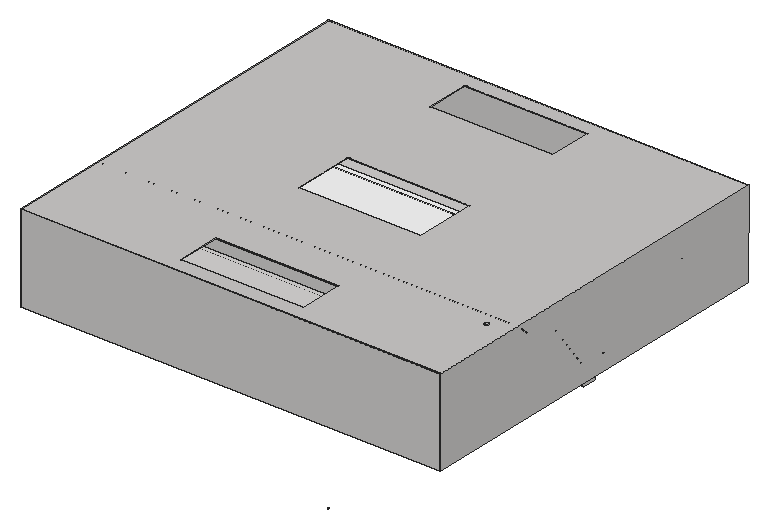
Revit family "QF_ELECTROLUXPROFESSIONAL_641267_STCF2224", category Attrezzature speciali, Revit 2021
Family settings
  Quota connettore circolare = Usa diametro
  Tipo di parte = Normale
  Basato su piano di lavoro = No
  Sempre verticale = Sì
  Taglio con vuoti quando caricato = No
  Condiviso = No
  Punto di calcolo locali = No
Parameters (values of type "Standard")
  Weight = 198.00 kg
  Watts = 320 W
  Volts = 220 V
  URL Manufacturer = "https://www.electroluxprofessional.com/"
  URL = "https://www.electroluxprofessional.com/"
  Steam Supply Size = 0 mm
  Steam Supply Minimum Pressure = 0.0 Pa
  Steam Supply Maximum Pressure = 0.0 Pa
  Steam Consumption per Hour = 0
  Refrigeration Suction Line Size = 0 mm
  Refrigeration Liquid Line Size = 0 mm
  Refrigerant Compressor Remote = yes
  Prospetto di default = 0 mm
  Produttore = "Electrolux Professional"
  Phase = 1
  Modello = "STCF2224"
  Length Actual = 2400 mm  # constant formula
  Item Number = "641267"
  Hot Water Size = 0 mm
  Height Actual = 500 mm  # constant formula
  HP = "0.4 HP"
  Gas Size = 0 mm
  Gas KW = 0
  Gas Input Pressure = 0 W
  Direct Waste Size = 0 mm
  Descrizione = "304 S/S ISLAND HOOD+FILT.+LAMP 2400X2200"
  Depth Actual = 2200 mm  # constant formula
  Cycle = 50 Hz
  Condensate Return Size = 0 mm
  Compressed Air Volume = 0.0 L/s
  Compressed Air Size = 0 mm
  Compressed Air Pressure = 0.0 Pa
  Cold Water Size = 0 mm
  Accessory = yes
Reference planes
  plane 1: z = 0
  plane 2 "Center (Left/Right)": x = 150
  plane 3 "LEFT": x = -1050
  plane 4 "RIGHT": x = 1350
  plane 5 "BACK": y = 550
  plane 6 "TOP": z = 2500
  plane 7 "Base": z = 2000
  plane 8: z = 1955
  plane 9: x = -1047
  plane 10 "DrainX": x = 1230
  plane 11 "AOLeft2": x = 500
  plane 12: x = 1347
  plane 13: x = -850
  plane 14: x = 1150
  plane 15 "Center (Front/Back)": y = -550
  plane 16 "Front": y = -1650
  plane 17 "AOLeft1": x = -200
  plane 18 "EI_y": y = -1170
  plane 19 "EIx": x = 1230
  plane 20: y = 464
  plane 21: y = 214
  plane 22: y = -1564
  plane 23: y = -1314
  plane 24: y = -375
  plane 25: y = -725
Forms (mm)
  Extrusion 1, solid, material "QF_Finishes_Stainless Steel"
    sketch origin (-1050, 0, 360) x (0, 1, 0) y (0, 0, 1)
      loop
        line (550, 1640) -> (550, 2140) -> (-1650, 2140) -> (-1650, 1640) -> (550, 1640)
    from 0 to 3
  Extrusion 2, solid, material "QF_Finishes_Stainless Steel"
    sketch origin (1350, 0, 360) x (0, 1, 0) y (0, 0, 1)
      loop
        line (550, 1640) -> (550, 2140) -> (-1650, 2140) -> (-1650, 1640) -> (550, 1640)
    from 0 to -3
  Extrusion 3, solid, material "QF_Finishes_Stainless Steel"
    sketch origin (150, 0, 360) x (0, 1, 0) y (0, 0, 1)
      loop
        line (-1650, 2140) -> (-1650, 1640) -> (-1640, 1640) -> (-1640, 1640.8) -> (-1649.2, 1640.8) -> (-1649.2, 2139.19) -> (549.2, 2139.19) -> (549.2, 1640.8) -> (540, 1640.8) -> (540, 1640) -> (550, 1640) -> (550, 2140) -> (-1650, 2140)
    from -1200 to 1200
  Extrusion 4, solid, material "QF_Finishes_Stainless Steel"
    sketch origin (0, -840, 2000) x (0, 1, 0) y (-1, 0, 0)
      loop
        circle (290, -1230) r 4.763
    from -30 to 0
  Extrusion 5, void
    sketch origin (0, 0, 2500) x (0, 1, 0) y (-1, 0, 0)
      loop
        line (-1564, -500) -> (-1314, -500) -> (-1314, 200) -> (-1564, 200) -> (-1564, -500)
    from 0 to -10
  Extrusion 6, solid, material "QF_Finishes_Stainless Steel"
    sketch origin (0, 0, 0) x (1, 0, 0) y (0, 1, 0)
      loop
        line (-1050, 550) -> (-1050, 549) -> (-1049, 549) -> (-1049, 550) -> (-1050, 550)
    from 0 to 1
  Sweep 7, solid, material "QF_Finishes_Stainless Steel"
    path origin (0, 0, 0) x (1, 0, 0) y (0, 1, 0)
      loop
        line (1350, 550) -> (-1050, 550) -> (-1050, -1650) -> (1350, -1650) -> (1350, 550)
    profile origin (1350, -550, 0) x (1, 0, 0) y (0, 0, 1)
      loop
        line (-3, 2000) -> (-3, 2000.8) -> (-19, 2000.8) -> (-19, 2010) -> (-20, 2010) -> (-20, 2000) -> (-3, 2000)
  Extrusion 8, solid, material "QF_Finishes_Stainless Steel"
    sketch origin (150, -636.588, -19.176) x (0, 0.995194, 0.097925) y (0, -0.097925, 0.995194)
      loop
        line (214.66, 2095.469) -> (240.643, 2110.471) -> (61.744, 2411.771) -> (35.948, 2396.455) -> (214.66, 2095.469)
    from -1197 to -1000
  Extrusion 9, solid, material "QF_Finishes_Stainless Steel"
    sketch origin (1230, -840, 0) x (0, 1, 0) y (0, 0, 1)
      loop
        line (339, 2000) -> (241, 2000) -> (241, 1989) -> (248.5, 1989) -> (248.5, 1965)
        arc (248.5, 1965) -> (251.429, 1957.929) -> (258.5, 1955) r 10
        line (258.5, 1955) -> (321.5, 1955)
        arc (321.5, 1955) -> (328.571, 1957.929) -> (331.5, 1965) r 10
        line (331.5, 1965) -> (331.5, 1989) -> (339, 1989) -> (339, 2000)
    from 90 to -90
  Extrusion 10, solid, material "QF_Finishes_Stainless Steel"
    sketch origin (150, -636.588, -19.176) x (0, 0.995194, 0.097925) y (0, -0.097925, 0.995194)
      loop
        line (214.66, 2095.469) -> (240.643, 2110.471) -> (61.744, 2411.771) -> (35.948, 2396.455) -> (214.66, 2095.469)
    from 1000 to 1197
  Extrusion 11, solid, material "QF_Finished_Chrome"
    sketch origin (150, -636.588, -19.176) x (0, 0.995194, 0.097925) y (0, -0.097925, 0.995194)
      loop
        line (214.66, 2095.469) -> (240.643, 2110.471) -> (61.744, 2411.771) -> (35.948, 2396.455) -> (214.66, 2095.469)
    from -1000 to 1000
  Extrusion 12, void
    sketch origin (0, 1180, 2500) x (0, 1, 0) y (-1, 0, 0)
      loop
        line (-1555, -500) -> (-1555, 200) -> (-1905, 200) -> (-1905, -500) -> (-1555, -500)
    from 0 to -10
  Extrusion 13, solid, material "QF_Finishes_Stainless Steel"
    sketch origin (0, 0, 2500) x (0, 1, 0) y (-1, 0, 0)
      loop
        circle (-1170, -1230) r 10
    from 0 to 1.6
  Extrusion 14, solid, material "QF_LAMPS"
    sketch origin (150, -267.149, 218.369) x (0, 0.987229, -0.159309) y (0, 0.159309, 0.987229)
      loop
        line (-1250.105, 1928.62) -> (-1096.231, 2053.226) -> (-1104.529, 2063.269) -> (-1258.575, 1938.524) -> (-1250.105, 1928.62)
    from 1197 to -1197
  Extrusion 15, solid, material "QF_Finishes_Stainless Steel"
    sketch origin (150, 0, 360) x (0, 1, 0) y (0, 0, 1)
      loop
        line (-1650, 2139.19) -> (-1650, 1640) -> (-1586.602, 1640) -> (-1499.146, 1690.493) -> (-1510.058, 1709.394) -> (-1566.564, 1676.77) -> (-1614.704, 1680.982) -> (-1649.2, 1730.248) -> (-1649.2, 2139.19) -> (-1650, 2139.19)
      loop
        line (-1194.054, 1961.505) -> (-1200.838, 1972.631) -> (-1186.477, 1980.7) -> (-1186.477, 2127.391) -> (-1085.664, 2127.391) -> (-1029.871, 2072.95) -> (-1022.281, 2060.013) -> (-919.435, 2120.351) -> (-919.902, 2121.003) -> (-1021.996, 2061.107) -> (-1029.236, 2073.448) -> (-1085.338, 2128.191) -> (-1187.277, 2128.191) -> (-1187.277, 1982.446) -> (-1586.208, 1744.533) -> (-1576.362, 1728.386) -> (-1194.054, 1961.505)
    from -1197 to 1197
  Extrusion 16, void
    sketch origin (0, 814, 2500) x (0, 1, 0) y (-1, 0, 0)
      loop
        line (-600, -500) -> (-350, -500) -> (-350, 200) -> (-600, 200) -> (-600, -500)
    from 0 to -10
  Extrusion 17, solid, material "QF_Finishes_Stainless Steel"
    sketch origin (150, 0, 0) x (0, 1, 0) y (0, 0, 1)
      loop
        line (-628.158, 2087.242) -> (-603.769, 2104.716) -> (-811.314, 2387.05) -> (-835.486, 2369.281) -> (-628.158, 2087.242)
    from -1197 to -1000
  Extrusion 18, solid, material "QF_Finished_Chrome"
    sketch origin (150, 0, 0) x (0, 1, 0) y (0, 0, 1)
      loop
        line (-628.158, 2087.242) -> (-603.769, 2104.716) -> (-811.314, 2387.05) -> (-835.486, 2369.281) -> (-628.158, 2087.242)
    from -1000 to 1000
  Extrusion 19, solid, material "QF_Finishes_Stainless Steel"
    sketch origin (150, -870.88, 319.508) x (0, 0.995194, 0.097925) y (0, -0.097925, 0.995194)
      loop
        line (426.151, 1646.675) -> (483.9, 1640.993) -> (483.982, 1641.83) -> (426.613, 1647.475) -> (371.906, 1742.23) -> (414.858, 1734.657) -> (442.266, 1750.481) -> (442.266, 1765.943) -> (441.466, 1765.943) -> (441.466, 1750.943) -> (414.709, 1735.495) -> (321.153, 1751.991) -> (320.875, 1750.416) -> (371.4, 1741.507) -> (426.151, 1646.675)
      loop
        line (162.878, 2155.907) -> (242.893, 2017.316) -> (245.133, 2018.715) -> (240.13, 2027.381) -> (238.569, 2026.405) -> (163.571, 2156.307) -> (162.878, 2155.907)
    from -1197 to 1197
  Extrusion 20, solid, material "QF_Finishes_Stainless Steel"
    sketch origin (150, -463.412, -19.176) x (0, -0.995194, 0.097925) y (0, -0.097925, -0.995194)
      loop
        line (214.66, -2095.469) -> (35.948, -2396.455) -> (61.744, -2411.771) -> (240.643, -2110.471) -> (214.66, -2095.469)
    from 1000 to 1197
  Extrusion 21, solid, material "QF_Finishes_Stainless Steel"
    sketch origin (150, 0, 0) x (0, 1, 0) y (0, 0, 1)
      loop
        line (-471.842, 2087.242) -> (-264.514, 2369.281) -> (-288.686, 2387.05) -> (-496.231, 2104.716) -> (-471.842, 2087.242)
    from -1197 to -1000
  Extrusion 22, solid, material "QF_Finished_Chrome"
    sketch origin (150, 0, 0) x (0, 1, 0) y (0, 0, 1)
      loop
        line (-471.842, 2087.242) -> (-264.514, 2369.281) -> (-288.686, 2387.05) -> (-496.231, 2104.716) -> (-471.842, 2087.242)
    from -1000 to 1000
  Extrusion 23, solid, material "QF_Finishes_Stainless Steel"
    sketch origin (150, -229.12, 319.508) x (0, -0.995194, 0.097925) y (0, -0.097925, -0.995194)
      loop
        line (426.151, -1646.675) -> (371.4, -1741.507) -> (320.875, -1750.416) -> (321.153, -1751.991) -> (414.709, -1735.495) -> (441.466, -1750.943) -> (441.466, -1765.943) -> (442.266, -1765.943) -> (442.266, -1750.481) -> (414.858, -1734.657) -> (371.906, -1742.23) -> (426.613, -1647.475) -> (483.982, -1641.83) -> (483.9, -1640.993) -> (426.151, -1646.675)
      loop
        line (162.878, -2155.907) -> (163.571, -2156.307) -> (238.569, -2026.405) -> (240.13, -2027.381) -> (245.133, -2018.715) -> (242.893, -2017.316) -> (162.878, -2155.907)
    from -1197 to 1197
  Extrusion 24, solid, material "QF_LAMPS"
    sketch origin (150, -832.851, 218.369) x (0, -0.987229, -0.159309) y (0, 0.159309, -0.987229)
      loop
        line (-1250.105, -1928.62) -> (-1258.575, -1938.524) -> (-1104.529, -2063.269) -> (-1096.231, -2053.226) -> (-1250.105, -1928.62)
    from 1197 to -1197
  Extrusion 25, solid, material "QF_Finishes_Stainless Steel"
    sketch origin (150, -1100, 360) x (0, -1, 0) y (0, 0, -1)
      loop
        line (-1650, -2139.19) -> (-1649.2, -2139.19) -> (-1649.2, -1730.248) -> (-1614.704, -1680.982) -> (-1566.564, -1676.77) -> (-1510.058, -1709.394) -> (-1499.146, -1690.493) -> (-1586.602, -1640) -> (-1650, -1640) -> (-1650, -2139.19)
      loop
        line (-1194.054, -1961.505) -> (-1576.362, -1728.386) -> (-1586.208, -1744.533) -> (-1187.277, -1982.446) -> (-1187.277, -2128.191) -> (-1085.338, -2128.191) -> (-1029.236, -2073.448) -> (-1021.996, -2061.107) -> (-919.902, -2121.003) -> (-919.435, -2120.351) -> (-1022.281, -2060.013) -> (-1029.871, -2072.95) -> (-1085.664, -2127.391) -> (-1186.477, -2127.391) -> (-1186.477, -1980.7) -> (-1200.838, -1972.631) -> (-1194.054, -1961.505)
    from -1197 to 1197
Cuts and joins
  Extrusion 5, Extrusion 12, Extrusion 16 cuts Extrusion 3
  joined: Extrusion 2, Extrusion 3, Sweep 7
Lines and regions (mm)
  symbolic lines, style "SpecialityEquipment", detail levels coarse
    curve 1: line (1350, 550, 2500) -> (-1050, 550, 2500)
    curve 2: line (-1050, 550, 2500) -> (-1050, -1650, 2500)
    curve 3: line (1350, -1650, 2500) -> (1350, 550, 2500)
    curve 4: line (-1050, 550, 0) -> (1350, -1650, 0)
    curve 5: line (1350, 550, 0) -> (-1050, -1650, 0)
    curve 6: line (-1050, -1650, 0) -> (1350, -1650, 0)
  symbolic lines, detail levels coarse
    curve 7: line (-200, 464, 2500) -> (500, 464, 2500)
    curve 8: line (-200, 214, 2500) -> (-200, 464, 2500)
    curve 9: line (500, 214, 2500) -> (-200, 214, 2500)
    curve 10: line (500, 464, 2500) -> (500, 214, 2500)
    curve 11: line (-200, -375, 2500) -> (500, -375, 2500)
    curve 12: line (-200, -725, 2500) -> (-200, -375, 2500)
    curve 13: line (500, -725, 2500) -> (-200, -725, 2500)
    curve 14: line (500, -375, 2500) -> (500, -725, 2500)
    curve 15: line (-200, -1314, 2500) -> (500, -1314, 2500)
    curve 16: line (-200, -1564, 2500) -> (-200, -1314, 2500)
    curve 17: line (500, -1564, 2500) -> (-200, -1564, 2500)
    curve 18: line (500, -1314, 2500) -> (500, -1564, 2500)
Dimensions and locks
  plane 3 "LEFT" to plane 4 "RIGHT" = 2400 mm
  equal spacing: plane 3 "LEFT", plane 2 "Center (Left/Right)", plane 4 "RIGHT"
  plane 7 "Base" to plane 8 = 45 mm
  plane 3 "LEFT" to plane 9 = 3 mm
  plane 10 "DrainX" to plane 4 "RIGHT" = 120 mm
  plane 12 to plane 4 "RIGHT" = 3 mm
  plane 3 "LEFT" to plane 13 = 200 mm
  plane 14 to plane 4 "RIGHT" = 200 mm
  locked: plane 7 "Base" to level at 2000
  locked: plane 6 "TOP" to plane 7 "Base" at 500
  locked: plane 17 "AOLeft1" to plane 11 "AOLeft2" at 700
  locked: plane 18 "EI_y" to plane 16 "Front" at 480
  locked: plane 19 "EIx" to plane 4 "RIGHT" at 120
  locked: plane 5 "BACK" to plane 20 at 86
  plane 20 to plane 21 = 250 mm
  locked: plane 22 to plane 16 "Front" at 86
  locked: plane 22 to plane 23 at 250
  plane 24 to plane 15 "Center (Front/Back)" = 175 mm
  plane 15 "Center (Front/Back)" to plane 25 = 175 mm
  plane 24 to plane 25 = 350 mm
  locked: plane 5 "BACK" to plane 16 "Front" at 2200
  plane 5 "BACK" to plane 15 "Center (Front/Back)" to plane 16 "Front" = 1100 mm, 1100 mm
  plane 5 "BACK" to plane 16 "Front" = 2200 mm
  equal spacing: plane 17 "AOLeft1", plane 2 "Center (Left/Right)", plane 11 "AOLeft2"
  aligned and locked: level to plane 1
  aligned and locked: plane 4 "RIGHT" to Extrusion 3
  aligned and locked: Extrusion 3 to plane 3 "LEFT"
  aligned and locked: Extrusion 2 to plane 12
  aligned and locked: Extrusion 8 to plane 9
  aligned and locked: plane 17 "AOLeft1" to Extrusion 5
  aligned and locked: Extrusion 5 to plane 11 "AOLeft2"
  aligned and locked: plane 13 to Extrusion 8
  aligned and locked: plane 14 to Extrusion 10
  aligned and locked: plane 12 to Extrusion 10
  aligned and locked: Extrusion 11 to plane 13
  aligned and locked: Extrusion 11 to plane 14
  aligned and locked: Extrusion 12 to plane 17 "AOLeft1"
  aligned and locked: Extrusion 12 to plane 11 "AOLeft2"
  aligned and locked: plane 22 to Extrusion 5
  aligned and locked: Extrusion 5 to plane 23
  aligned and locked: Extrusion 16 to plane 17 "AOLeft1"
  aligned and locked: Extrusion 16 to plane 11 "AOLeft2"
  aligned and locked: plane 24 to Extrusion 12
  aligned and locked: Extrusion 12 to plane 25
  aligned and locked: plane 20 to Extrusion 16
  aligned and locked: Extrusion 16 to plane 21
  aligned and locked: Extrusion 15 to plane 9
  aligned and locked: Extrusion 14 to plane 9
  aligned and locked: Extrusion 14 to plane 12
  aligned and locked: Extrusion 15 to plane 12
  aligned and locked: Extrusion 25 to plane 9
  aligned and locked: Extrusion 24 to plane 9
  aligned and locked: Extrusion 23 to plane 9
  aligned and locked: plane 9 to Extrusion 17
  aligned and locked: Extrusion 19 to plane 9
  aligned and locked: plane 13 to Extrusion 17
  aligned and locked: Extrusion 22 to plane 13
  aligned and locked: plane 12 to Extrusion 19
  aligned and locked: plane 12 to Extrusion 23
  aligned and locked: plane 12 to Extrusion 25
  aligned and locked: Extrusion 20 to plane 12
  aligned and locked: plane 12 to Extrusion 24
  aligned and locked: Extrusion 18 to plane 13
  aligned and locked: Extrusion 18 to plane 14
  aligned and locked: plane 14 to Extrusion 20
  aligned and locked: Extrusion 22 to plane 14
  aligned and locked: plane 13 to Extrusion 21
  aligned and locked: Extrusion 21 to plane 9
Automatic sketch dimensions
  curve 6 to plane 3 "LEFT" = 0 mm
  curve 4 to plane 3 "LEFT" = 0 mm
  curve 5 to plane 4 "RIGHT" = 0 mm
  curve 6 to plane 4 "RIGHT" = 0 mm
  curve 4 to plane 16 "Front" = 0 mm
  curve 5 to plane 5 "BACK" = 0 mm
  curve 4 to plane 5 "BACK" = 0 mm
  Extrusion 1 sketch curve to plane 7 "Base" = 0 mm
  Extrusion 1 sketch curve to plane 16 "Front" = 0 mm
  Extrusion 1 sketch curve to plane 5 "BACK" = 0 mm
  Extrusion 1 sketch curve to plane 6 "TOP" = 0 mm
  Extrusion 2 sketch curve to plane 7 "Base" = 0 mm
  Extrusion 2 sketch curve to plane 16 "Front" = 0 mm
  Extrusion 2 sketch curve to plane 5 "BACK" = 0 mm
  Extrusion 2 sketch curve to plane 6 "TOP" = 0 mm
  Extrusion 3 sketch curve to plane 6 "TOP" = 0 mm
  Extrusion 3 sketch curve to plane 16 "Front" = 0 mm
  Extrusion 3 sketch curve to plane 7 "Base" = 0 mm  (x2)
  Extrusion 3 sketch curve to plane 5 "BACK" = 0 mm
  plane 16 "Front" to Extrusion 3 sketch curve = 0.8 mm
  Extrusion 3 sketch curve to Extrusion 3 sketch curve = 9.2 mm
  plane 7 "Base" to Extrusion 3 sketch curve = 0.8 mm  (x2)
  Extrusion 3 sketch curve to plane 5 "BACK" = 10 mm
  Extrusion 3 sketch curve to plane 5 "BACK" = 0.8 mm
  Extrusion 3 sketch curve to plane 6 "TOP" = 0.81 mm
  Extrusion 4 sketch curve to plane 10 "DrainX" = 0 mm
  Extrusion 4 sketch curve to plane 15 "Center (Front/Back)" = 0 mm
  Extrusion 5 sketch curve to plane 17 "AOLeft1" = 0 mm
  plane 22 to Extrusion 5 sketch curve = 0 mm
  Extrusion 5 sketch curve to plane 11 "AOLeft2" = 0 mm
  plane 23 to Extrusion 5 sketch curve = 0 mm
  Extrusion 6 sketch curve to plane 3 "LEFT" = 0 mm
  Extrusion 6 sketch curve to plane 5 "BACK" = 0 mm
  plane 3 "LEFT" to Extrusion 6 sketch curve = 1 mm
  Extrusion 6 sketch curve to Extrusion 6 sketch curve = 1 mm
  Sweep 7 sketch curve to plane 3 "LEFT" = 0 mm
  Sweep 7 sketch curve to plane 4 "RIGHT" = 0 mm
  Sweep 7 sketch curve to plane 16 "Front" = 0 mm
  Sweep 7 sketch curve to plane 5 "BACK" = 0 mm
  profile plane to Sweep 7 sketch curve = 20 mm
  Sweep 7 sketch curve to Sweep 7 sketch curve = 1 mm
  profile plane to Sweep 7 sketch curve = 3 mm
  level to Sweep 7 sketch curve = 2000 mm
  Sweep 7 sketch curve to Sweep 7 sketch curve = 0.8 mm
  Sweep 7 sketch curve to Sweep 7 sketch curve = 9.2 mm
  Extrusion 8 sketch curve to plane 25 = 110.486 mm
  Extrusion 8 sketch curve to plane 6 "TOP" = 130.719 mm
  Extrusion 8 sketch curve to Extrusion 8 sketch curve = 25.795 mm
  Extrusion 8 sketch curve to Extrusion 8 sketch curve = 178.712 mm
  Extrusion 8 sketch curve to Extrusion 8 sketch curve = 25.983 mm
  Extrusion 8 sketch curve to Extrusion 8 sketch curve = 285.985 mm
  Extrusion 8 sketch curve to Extrusion 8 sketch curve = 15.001 mm
  Extrusion 8 sketch curve to Extrusion 8 sketch curve = 15.316 mm
  Extrusion 9 sketch curve to plane 8 = 0 mm
  Extrusion 9 sketch curve to plane 7 "Base" = 11 mm  (x2)
  Extrusion 9 sketch curve to plane 15 "Center (Front/Back)" = 49 mm
  Extrusion 9 sketch curve to Extrusion 9 sketch curve = 7.5 mm  (x2)
  plane 8 to Extrusion 9 sketch curve = 10 mm
  plane 15 "Center (Front/Back)" to Extrusion 9 sketch curve = 31.5 mm
  Extrusion 9 sketch curve to Extrusion 9 sketch curve = 10 mm
  plane 7 "Base" to Extrusion 9 sketch curve = 0 mm
  Extrusion 10 sketch curve to plane 25 = 110.486 mm
  Extrusion 10 sketch curve to plane 6 "TOP" = 130.719 mm
  Extrusion 10 sketch curve to Extrusion 10 sketch curve = 25.795 mm
  Extrusion 10 sketch curve to Extrusion 10 sketch curve = 178.712 mm
  Extrusion 10 sketch curve to Extrusion 10 sketch curve = 25.983 mm
  Extrusion 10 sketch curve to Extrusion 10 sketch curve = 285.985 mm
  Extrusion 10 sketch curve to Extrusion 10 sketch curve = 15.001 mm
  Extrusion 10 sketch curve to Extrusion 10 sketch curve = 15.316 mm
  Extrusion 11 sketch curve to plane 25 = 110.486 mm
  Extrusion 11 sketch curve to plane 6 "TOP" = 130.719 mm
  Extrusion 11 sketch curve to Extrusion 11 sketch curve = 25.795 mm
  Extrusion 11 sketch curve to Extrusion 11 sketch curve = 178.712 mm
  Extrusion 11 sketch curve to Extrusion 11 sketch curve = 25.983 mm
  Extrusion 11 sketch curve to Extrusion 11 sketch curve = 285.985 mm
  Extrusion 11 sketch curve to Extrusion 11 sketch curve = 15.001 mm
  Extrusion 11 sketch curve to Extrusion 11 sketch curve = 15.316 mm
  Extrusion 12 sketch curve to plane 11 "AOLeft2" = 0 mm
  Extrusion 12 sketch curve to plane 25 = 0 mm
  Extrusion 12 sketch curve to plane 24 = 0 mm
  Extrusion 12 sketch curve to plane 17 "AOLeft1" = 0 mm
  Extrusion 13 sketch curve to plane 18 "EI_y" = 0 mm
  Extrusion 13 sketch curve to plane 19 "EIx" = 0 mm
  Extrusion 14 sketch curve to plane 18 "EI_y" = 30.826 mm
  Extrusion 14 sketch curve to plane 6 "TOP" = 167.362 mm
  Extrusion 14 sketch curve to Extrusion 14 sketch curve = 8.47 mm
  Extrusion 14 sketch curve to Extrusion 14 sketch curve = 154.047 mm
  Extrusion 14 sketch curve to Extrusion 14 sketch curve = 8.298 mm
  Extrusion 14 sketch curve to Extrusion 14 sketch curve = 9.904 mm
  Extrusion 14 sketch curve to Extrusion 14 sketch curve = 124.605 mm
  Extrusion 14 sketch curve to Extrusion 14 sketch curve = 10.043 mm
  Extrusion 15 sketch curve to plane 16 "Front" = 0 mm
  Extrusion 15 sketch curve to plane 7 "Base" = 0 mm
  plane 16 "Front" to Extrusion 15 sketch curve = 0.8 mm
  plane 16 "Front" to Extrusion 15 sketch curve = 35.296 mm
  plane 22 to Extrusion 15 sketch curve = 22.602 mm
  plane 22 to Extrusion 15 sketch curve = 22.208 mm
  plane 22 to Extrusion 15 sketch curve = 12.362 mm
  plane 22 to Extrusion 15 sketch curve = 2.564 mm
  Extrusion 15 sketch curve to plane 22 = 53.942 mm
  Extrusion 15 sketch curve to Extrusion 15 sketch curve = 10.912 mm
  Extrusion 15 sketch curve to plane 18 "EI_y" = 30.838 mm
  Extrusion 15 sketch curve to Extrusion 15 sketch curve = 6.784 mm
  Extrusion 15 sketch curve to Extrusion 15 sketch curve = 13.561 mm
  Extrusion 15 sketch curve to Extrusion 15 sketch curve = 0.8 mm  (x2)
  Extrusion 15 sketch curve to plane 6 "TOP" = 12.609 mm
  plane 18 "EI_y" to Extrusion 15 sketch curve = 84.336 mm
  Extrusion 15 sketch curve to Extrusion 15 sketch curve = 0.326 mm
  Extrusion 15 sketch curve to plane 6 "TOP" = 67.05 mm
  Extrusion 15 sketch curve to Extrusion 15 sketch curve = 55.793 mm
  Extrusion 15 sketch curve to plane 6 "TOP" = 66.552 mm
  Extrusion 15 sketch curve to Extrusion 15 sketch curve = 0.636 mm
  Extrusion 15 sketch curve to Extrusion 15 sketch curve = 7.59 mm
  Extrusion 15 sketch curve to plane 6 "TOP" = 78.893 mm
  Extrusion 15 sketch curve to Extrusion 15 sketch curve = 0.285 mm
  Extrusion 15 sketch curve to plane 6 "TOP" = 18.997 mm
  Extrusion 15 sketch curve to plane 6 "TOP" = 19.649 mm
  Extrusion 15 sketch curve to Extrusion 15 sketch curve = 0.467 mm
  plane 7 "Base" to Extrusion 15 sketch curve = 36.77 mm
  plane 7 "Base" to Extrusion 15 sketch curve = 40.982 mm
  plane 7 "Base" to Extrusion 15 sketch curve = 50.493 mm
  Extrusion 15 sketch curve to Extrusion 15 sketch curve = 18.901 mm
  Extrusion 15 sketch curve to Extrusion 15 sketch curve = 51.616 mm
  Extrusion 15 sketch curve to Extrusion 15 sketch curve = 49.266 mm
  Extrusion 15 sketch curve to Extrusion 15 sketch curve = 16.147 mm
  Extrusion 15 sketch curve to Extrusion 15 sketch curve = 165.885 mm
  Extrusion 15 sketch curve to Extrusion 15 sketch curve = 8.069 mm
  Extrusion 15 sketch curve to Extrusion 15 sketch curve = 1.746 mm
  Extrusion 15 sketch curve to Extrusion 15 sketch curve = 1.094 mm
  Extrusion 15 sketch curve to plane 6 "TOP" = 0.81 mm
  plane 17 "AOLeft1" to Extrusion 16 sketch curve = 0 mm
  Extrusion 16 sketch curve to plane 21 = 0 mm
  Extrusion 16 sketch curve to plane 11 "AOLeft2" = 0 mm
  Extrusion 16 sketch curve to plane 20 = 0 mm
  Extrusion 19 sketch curve to plane 6 "TOP" = 18.997 mm
  Extrusion 19 sketch curve to plane 25 = 194.902 mm
  Extrusion 19 sketch curve to Extrusion 19 sketch curve = 0.693 mm
  Extrusion 19 sketch curve to Extrusion 19 sketch curve = 74.998 mm
  Extrusion 19 sketch curve to Extrusion 19 sketch curve = 1.561 mm
  Extrusion 19 sketch curve to Extrusion 19 sketch curve = 4.324 mm
  Extrusion 19 sketch curve to Extrusion 19 sketch curve = 2.24 mm
  Extrusion 19 sketch curve to Extrusion 19 sketch curve = 77.982 mm
  Extrusion 19 sketch curve to Extrusion 19 sketch curve = 0.278 mm
  Extrusion 19 sketch curve to Extrusion 19 sketch curve = 50.525 mm
  Extrusion 19 sketch curve to Extrusion 19 sketch curve = 0.506 mm
  Extrusion 19 sketch curve to Extrusion 19 sketch curve = 42.803 mm
  Extrusion 19 sketch curve to Extrusion 19 sketch curve = 0.148 mm
  Extrusion 19 sketch curve to Extrusion 19 sketch curve = 11.294 mm
  Extrusion 19 sketch curve to Extrusion 19 sketch curve = 0.462 mm  (x2)
  Extrusion 19 sketch curve to Extrusion 19 sketch curve = 57.287 mm
  Extrusion 19 sketch curve to Extrusion 19 sketch curve = 0.082 mm
  Extrusion 19 sketch curve to Extrusion 19 sketch curve = 26.757 mm
  Extrusion 19 sketch curve to Extrusion 19 sketch curve = 0.8 mm
  Extrusion 19 sketch curve to Extrusion 19 sketch curve = 128.526 mm
  Extrusion 19 sketch curve to Extrusion 19 sketch curve = 0.975 mm
  Extrusion 19 sketch curve to Extrusion 19 sketch curve = 1.399 mm
  Extrusion 19 sketch curve to Extrusion 19 sketch curve = 252.773 mm
  Extrusion 19 sketch curve to Extrusion 19 sketch curve = 13.951 mm
  Extrusion 19 sketch curve to Extrusion 19 sketch curve = 15 mm
  Extrusion 19 sketch curve to Extrusion 19 sketch curve = 1.575 mm
  Extrusion 19 sketch curve to Extrusion 19 sketch curve = 0.723 mm
  Extrusion 19 sketch curve to Extrusion 19 sketch curve = 0.838 mm
  Extrusion 19 sketch curve to Extrusion 19 sketch curve = 87.182 mm
  Extrusion 19 sketch curve to Extrusion 19 sketch curve = 5.645 mm
  Extrusion 20 sketch curve to plane 24 = 110.486 mm
  plane 6 "TOP" to Extrusion 20 sketch curve = 130.719 mm
  Extrusion 20 sketch curve to Extrusion 20 sketch curve = 25.795 mm
  Extrusion 20 sketch curve to Extrusion 20 sketch curve = 178.712 mm
  Extrusion 20 sketch curve to Extrusion 20 sketch curve = 25.983 mm
  Extrusion 20 sketch curve to Extrusion 20 sketch curve = 285.985 mm
  Extrusion 20 sketch curve to Extrusion 20 sketch curve = 15.001 mm
  Extrusion 20 sketch curve to Extrusion 20 sketch curve = 15.316 mm
  Extrusion 23 sketch curve to plane 6 "TOP" = 18.997 mm
  plane 24 to Extrusion 23 sketch curve = 194.902 mm
  Extrusion 23 sketch curve to Extrusion 23 sketch curve = 0.693 mm
  Extrusion 23 sketch curve to Extrusion 23 sketch curve = 74.998 mm
  Extrusion 23 sketch curve to Extrusion 23 sketch curve = 1.561 mm
  Extrusion 23 sketch curve to Extrusion 23 sketch curve = 4.324 mm
  Extrusion 23 sketch curve to Extrusion 23 sketch curve = 2.24 mm
  Extrusion 23 sketch curve to Extrusion 23 sketch curve = 77.982 mm
  Extrusion 23 sketch curve to Extrusion 23 sketch curve = 0.278 mm
  Extrusion 23 sketch curve to Extrusion 23 sketch curve = 50.525 mm
  Extrusion 23 sketch curve to Extrusion 23 sketch curve = 0.506 mm
  Extrusion 23 sketch curve to Extrusion 23 sketch curve = 42.803 mm
  Extrusion 23 sketch curve to Extrusion 23 sketch curve = 0.148 mm
  Extrusion 23 sketch curve to Extrusion 23 sketch curve = 11.294 mm
  Extrusion 23 sketch curve to Extrusion 23 sketch curve = 0.462 mm  (x2)
  Extrusion 23 sketch curve to Extrusion 23 sketch curve = 57.287 mm
  Extrusion 23 sketch curve to Extrusion 23 sketch curve = 0.082 mm
  Extrusion 23 sketch curve to Extrusion 23 sketch curve = 26.757 mm
  Extrusion 23 sketch curve to Extrusion 23 sketch curve = 0.8 mm
  Extrusion 23 sketch curve to Extrusion 23 sketch curve = 0.4 mm
  Extrusion 23 sketch curve to Extrusion 23 sketch curve = 0.975 mm
  Extrusion 23 sketch curve to Extrusion 23 sketch curve = 1.399 mm
  Extrusion 23 sketch curve to Extrusion 23 sketch curve = 252.773 mm
  Extrusion 23 sketch curve to Extrusion 23 sketch curve = 13.951 mm
  Extrusion 23 sketch curve to Extrusion 23 sketch curve = 15 mm
  Extrusion 23 sketch curve to Extrusion 23 sketch curve = 1.575 mm
  Extrusion 23 sketch curve to Extrusion 23 sketch curve = 0.723 mm
  Extrusion 23 sketch curve to Extrusion 23 sketch curve = 0.838 mm
  Extrusion 23 sketch curve to Extrusion 23 sketch curve = 87.182 mm
  Extrusion 23 sketch curve to Extrusion 23 sketch curve = 5.645 mm
  plane 21 to Extrusion 24 sketch curve = 113.174 mm
  plane 6 "TOP" to Extrusion 24 sketch curve = 167.362 mm
  Extrusion 24 sketch curve to Extrusion 24 sketch curve = 8.47 mm
  Extrusion 24 sketch curve to Extrusion 24 sketch curve = 154.047 mm
  Extrusion 24 sketch curve to Extrusion 24 sketch curve = 8.298 mm
  Extrusion 24 sketch curve to Extrusion 24 sketch curve = 9.904 mm
  Extrusion 24 sketch curve to Extrusion 24 sketch curve = 124.605 mm
  Extrusion 24 sketch curve to Extrusion 24 sketch curve = 10.043 mm
  Extrusion 25 sketch curve to plane 5 "BACK" = 0 mm
  Extrusion 25 sketch curve to plane 7 "Base" = 0 mm
  Extrusion 25 sketch curve to Extrusion 25 sketch curve = 0.8 mm  (x3)
  plane 5 "BACK" to Extrusion 25 sketch curve = 35.296 mm
  Extrusion 25 sketch curve to plane 20 = 22.602 mm
  Extrusion 25 sketch curve to plane 20 = 22.208 mm
  Extrusion 25 sketch curve to plane 20 = 12.362 mm
  Extrusion 25 sketch curve to plane 20 = 2.564 mm
  plane 20 to Extrusion 25 sketch curve = 53.942 mm
  Extrusion 25 sketch curve to Extrusion 25 sketch curve = 10.912 mm
  plane 21 to Extrusion 25 sketch curve = 113.162 mm
  Extrusion 25 sketch curve to Extrusion 25 sketch curve = 6.784 mm
  Extrusion 25 sketch curve to Extrusion 25 sketch curve = 13.561 mm
  plane 6 "TOP" to Extrusion 25 sketch curve = 12.609 mm
  Extrusion 25 sketch curve to Extrusion 25 sketch curve = 100.813 mm
  Extrusion 25 sketch curve to Extrusion 25 sketch curve = 0.326 mm
  plane 6 "TOP" to Extrusion 25 sketch curve = 67.05 mm
  Extrusion 25 sketch curve to Extrusion 25 sketch curve = 55.793 mm
  plane 6 "TOP" to Extrusion 25 sketch curve = 66.552 mm
  Extrusion 25 sketch curve to Extrusion 25 sketch curve = 0.636 mm
  plane 6 "TOP" to Extrusion 25 sketch curve = 79.987 mm
  Extrusion 25 sketch curve to Extrusion 25 sketch curve = 7.59 mm
  plane 6 "TOP" to Extrusion 25 sketch curve = 78.893 mm
  Extrusion 25 sketch curve to Extrusion 25 sketch curve = 0.285 mm
  plane 6 "TOP" to Extrusion 25 sketch curve = 18.997 mm
  plane 6 "TOP" to Extrusion 25 sketch curve = 19.649 mm
  Extrusion 25 sketch curve to Extrusion 25 sketch curve = 0.467 mm
  Extrusion 25 sketch curve to plane 7 "Base" = 36.77 mm
  Extrusion 25 sketch curve to plane 7 "Base" = 40.982 mm
  Extrusion 25 sketch curve to plane 7 "Base" = 50.493 mm
  Extrusion 25 sketch curve to Extrusion 25 sketch curve = 18.901 mm
  Extrusion 25 sketch curve to Extrusion 25 sketch curve = 51.616 mm
  Extrusion 25 sketch curve to Extrusion 25 sketch curve = 49.266 mm
  Extrusion 25 sketch curve to Extrusion 25 sketch curve = 16.147 mm
  Extrusion 25 sketch curve to Extrusion 25 sketch curve = 165.885 mm
  Extrusion 25 sketch curve to Extrusion 25 sketch curve = 8.069 mm
  Extrusion 25 sketch curve to Extrusion 25 sketch curve = 1.746 mm
  plane 6 "TOP" to Extrusion 25 sketch curve = 0.81 mm
  Extrusion 18 sketch curve to plane 25 = 110.486 mm
  Extrusion 18 sketch curve to Extrusion 18 sketch curve = 24.172 mm
  Extrusion 18 sketch curve to plane 15 "Center (Front/Back)" = 78.158 mm
  Extrusion 18 sketch curve to Extrusion 18 sketch curve = 24.389 mm
  plane 7 "Base" to Extrusion 18 sketch curve = 87.242 mm
  Extrusion 18 sketch curve to Extrusion 18 sketch curve = 17.473 mm
  Extrusion 18 sketch curve to plane 6 "TOP" = 130.719 mm
  Extrusion 18 sketch curve to Extrusion 18 sketch curve = 17.769 mm
  Extrusion 17 sketch curve to plane 25 = 110.486 mm
  Extrusion 17 sketch curve to Extrusion 17 sketch curve = 24.172 mm
  Extrusion 17 sketch curve to plane 15 "Center (Front/Back)" = 78.158 mm
  Extrusion 17 sketch curve to Extrusion 17 sketch curve = 24.389 mm
  plane 7 "Base" to Extrusion 17 sketch curve = 87.242 mm
  Extrusion 17 sketch curve to Extrusion 17 sketch curve = 17.473 mm
  Extrusion 17 sketch curve to plane 6 "TOP" = 130.719 mm
  Extrusion 17 sketch curve to Extrusion 17 sketch curve = 17.769 mm
  plane 15 "Center (Front/Back)" to Extrusion 21 sketch curve = 53.769 mm
  Extrusion 21 sketch curve to Extrusion 21 sketch curve = 24.389 mm
  plane 24 to Extrusion 21 sketch curve = 86.314 mm
  Extrusion 21 sketch curve to Extrusion 21 sketch curve = 24.172 mm
  plane 7 "Base" to Extrusion 21 sketch curve = 87.242 mm
  Extrusion 21 sketch curve to Extrusion 21 sketch curve = 17.473 mm
  Extrusion 21 sketch curve to plane 6 "TOP" = 130.719 mm
  Extrusion 21 sketch curve to Extrusion 21 sketch curve = 17.769 mm
  plane 15 "Center (Front/Back)" to Extrusion 22 sketch curve = 53.769 mm
  Extrusion 22 sketch curve to Extrusion 22 sketch curve = 24.389 mm
  plane 24 to Extrusion 22 sketch curve = 86.314 mm
  Extrusion 22 sketch curve to Extrusion 22 sketch curve = 24.172 mm
  plane 7 "Base" to Extrusion 22 sketch curve = 87.242 mm
  Extrusion 22 sketch curve to Extrusion 22 sketch curve = 17.473 mm
  Extrusion 22 sketch curve to plane 6 "TOP" = 130.719 mm
  Extrusion 22 sketch curve to Extrusion 22 sketch curve = 17.769 mm
  curve 2 to plane 3 "LEFT" = 0 mm
  curve 2 to plane 16 "Front" = 0 mm
  curve 3 to plane 4 "RIGHT" = 0 mm
  curve 3 to plane 16 "Front" = 0 mm
  curve 17 to plane 17 "AOLeft1" = 0 mm
  plane 22 to curve 17 = 0 mm
  plane 23 to curve 16 = 0 mm
  curve 12 to plane 17 "AOLeft1" = 0 mm
  curve 12 to plane 25 = 0 mm
  curve 11 to plane 11 "AOLeft2" = 0 mm
  curve 11 to plane 24 = 0 mm
  curve 8 to plane 17 "AOLeft1" = 0 mm
  curve 8 to plane 21 = 0 mm
  curve 8 to plane 20 = 0 mm
  curve 2 to plane 5 "BACK" = 0 mm
  curve 15 to plane 11 "AOLeft2" = 0 mm
  curve 7 to plane 11 "AOLeft2" = 0 mm
  radius of Extrusion 4 sketch curve = 4.763 mm
  radius of Extrusion 13 sketch curve = 10 mm
Connectors
  piping at (1230, -550, 1970), diameter 9.5
    settings: on Extrusion 4, index 1, connector inside diameter 609.6 mm, connector length 0 mm, flow factor 0, pipe flow 0.0 L/s, pressure drop 0.0 Pa, fitting loss kfactor 0, connector angle 0.00°, fixture units 0, engagement length 0 mm, angle of deflection 0.00°, flow configuration 1, flow direction 2, fitting loss method 0, system type 16, joint type 0, gender type 0, connector reference index -1, connector utility 0, adjustable connector no, is connector primary yes, connector description "Drain"
  hvac at (150, -1439, 2500)
    settings: on Extrusion 5, index 2, duct flow 0.0 L/s, flow factor 0, pres drop 0.0 Pa, loss coef 0, conn angle 0.00°, conn width 250 mm, conn height 700 mm, conn diameter 609.6 mm, duct sys type 1, conn prof type 1, flow config 1, flow direction 1, loss method 0, conn ref index -1, conn util no, is conn primary yes, conn desc "AIR INLET"
  hvac at (150, -550, 2500)
    settings: on Extrusion 12, index 4, duct flow 0.0 L/s, flow factor 0, pres drop 0.0 Pa, loss coef 0, conn angle 0.00°, conn width 350 mm, conn height 700 mm, conn diameter 609.6 mm, duct sys type 3, conn prof type 1, flow config 1, flow direction 2, loss method 0, conn ref index -1, conn util no, is conn primary no, conn desc "EXHAUST OUTLET"
  electrical at (1230, -1170, 2501.6), driven by "Volts"
    settings: on Extrusion 13, index 6, voltage 220 V, apparent load 0 VA, apparent load phase1 0 VA, apparent load phase2 0 VA, apparent load phase3 0 VA, power factor 1, load classification "Other", number of poles 1, system type 30, power factor state 1, is connector primary yes, connector utility no, sub classification motor no, connector description "Electrical Connection"
  hvac at (150, 339, 2500)
    settings: on Extrusion 16, index 7, duct flow 0.0 L/s, flow factor 0, pres drop 0.0 Pa, loss coef 0, conn angle 0.00°, conn width 250 mm, conn height 700 mm, conn diameter 609.6 mm, duct sys type 1, conn prof type 1, flow config 1, flow direction 1, loss method 0, conn ref index -1, conn util no, is conn primary no, conn desc "AIR INLET"
